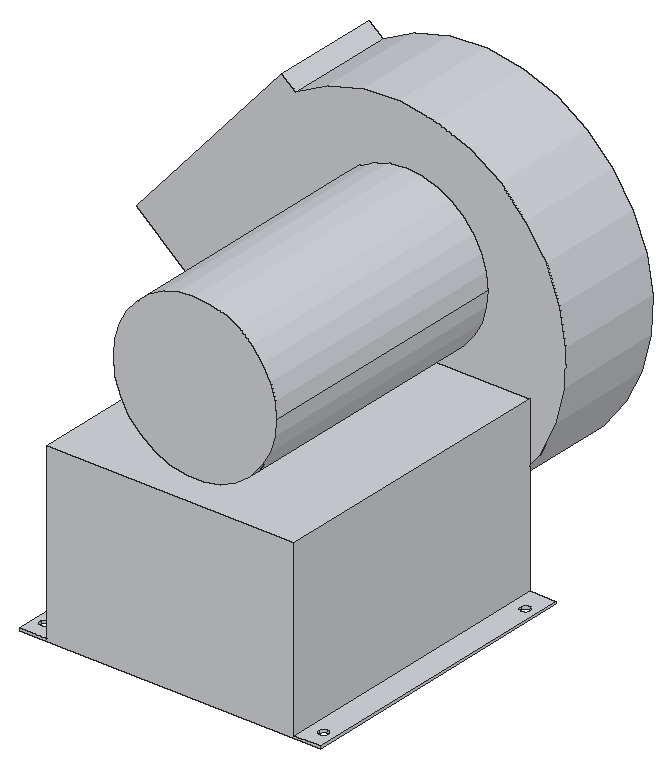
Revit family "CPFD_CW_BAU", category Mechanical Equipment, Revit 2019
Family settings
  Round Connector Dimension = Use Radius
  Part Type = Normal
  Work Plane-Based = No
  Always vertical = Yes
  Cut with Voids When Loaded = No
  Shared = No
  Room Calculation Point = No
Parameters (values of type "12_CPFD_CW_BAU")
  Unit Weight [instance] = ""
  T_SQ/2 = T_SQ / 2  # 1' - 4"
  T_SQ = 2' - 8"
  Sones [instance] = ""
  SPACE = 0' - 2 1/2"
  S = 0' - 2 1/2"
  R = 0' - 7 1/16"
  Q = 0' - 5 11/16"
  P/6 = P / 6  # 0' - 2.08333"
  P/2 = P / 2  # 0' - 6 1/4"
  P = 1' - 0 1/2"
  N/2 = N / 2  # 0' - 0 9/32"
  N = 0' - 0 9/16"
  Motor RPM [instance] = ""
  Motor Enclosure [instance] = ""
  ModelID [instance] = ""
  M = 0' - 4 5/8"
  LwA [instance] = ""
  L = 0' - 9 7/8"
  K = 0' - 1"
  J = 1' - 2 1/4"
  H/2 = H / 2  # 0' - 7 7/8"
  H-1.5" = H - 0' 1 1/2"  # 1' - 2 1/4"
  H = 1' - 3 3/4"
  G-Q = 0' - 5 49/128"
  G-1" = G - 0' 1"  # 1' - 2 3/16"
  G = 1' - 3 3/16"
  Fan RPM [instance] = ""
  F+1.25" = -(F + 0' 1 1/4")  # -0' - 7 1/8"
  F+.25" = -(F + 0' 0 1/4")  # -0' - 6 1/8"
  F = 0' - 5 7/8"
  E+.25" = E + 0' 0 1/4"  # 1' - 1 5/8"
  E = 1' - 1 3/8"
  D-S = D - S  # 0' - 11 7/8"
  D+R = D + R  # 1' - 9 7/16"
  D = 1' - 2 3/8"
  C/2 = C / 2  # 0' - 11 3/16"
  C = 1' - 10 3/8"
  B/2 = B / 2  # 0' - 11 3/8"
  B-F-2" = B - F - 0' 2"  # 1' - 2 7/8"
  B-F-.25" = B - F - 0' 0 1/4"  # 1' - 4 5/8"
  B = 1' - 10 3/4"
  Accessories [instance] = ""
  A/2 = A / 2  # 0' - 8 1/2"
  A = 1' - 5"
  45 = 45.00°  # constant formula
  3" = 0' - 3"  # constant formula
  Brake Hp [instance] = ""
  4" = 0' - 4"  # constant formula
  2' = 2' - 0"
  2" = 0' - 2"  # constant formula
  1" = 0' - 1"  # constant formula
  0 = 0' - 0"  # constant formula
  Voltage [instance] = 0 V
  URL = "www.lorencook.com"
  Type Comments = "Forward Curved Centrifugal Blower Direct Drive Clockwise Bottom Angular Up Arrangement 4"  # constant formula
  Static Pressure [instance] = 0.00 in-wg
  Power [instance] = Voltage * Motor FLA * sqrt(if(Phase = 3, 3, 1))  # 0 VA
  Phase [instance] = 0
  Number of Poles [instance] = 1
  Motor Hp [instance] = "0"
  Motor FLA [instance] = 0 A
  Model = "CPFD_CW_BAU"  # constant formula
  Manufacturer = "Loren Cook Company"
  CFM [instance] = 0 CFM
  1.5 = 0' - 1 1/2"  # constant formula
  ONE EIGTH = 0' - 0 1/8"  # constant formula
  (P/2)-.125" = (P / 2) - 0' 0 1/8"  # 0' - 6 1/8"
Types (6): name | SPACE | S | R | Q | P/6 | P/2 | P | N/2 | N | M | L | J | H/2 | H-1.5" | H | G-1" | G | F+1.25" | F+.25" | F | E+.25" | E | D-S | D+R | D | C/2 | C | B/2 | B-F-2" | B-F-.25" | B | A/2 | A | (P/2)-.125"
  (no name) | 0' - 2 1/2" | 0' - 2 1/2" | 0' - 7 1/16" | 0' - 5 11/16" | 0' - 2.08333" | 0' - 6 1/4" | 1' - 0 1/2" | 0' - 0 9/32" | 0' - 0 9/16" | 0' - 4 5/8" | 0' - 9 7/8" | 1' - 2 1/4" | 0' - 7 7/8" | 1' - 2 1/4" | 1' - 3 3/4" | 1' - 2 3/16" | 1' - 3 3/16" | -0' - 7 1/8" | -0' - 6 1/8" | 0' - 5 7/8" | 1' - 1 5/8" | 1' - 1 3/8" | 0' - 11 7/8" | 1' - 9 7/16" | 1' - 2 3/8" | 0' - 11 3/16" | 1' - 10 3/8" | 0' - 11 3/8" | 1' - 2 7/8" | 1' - 4 5/8" | 1' - 10 3/4" | 0' - 8 1/2" | 1' - 5" | 0' - 6 1/8"
  6_CPFD_CW_BAU | 0' - 1 1/2" | 0' - 1 1/4" | 0' - 4 3/8" | 0' - 3 11/16" | 0' - 1.16667" | 0' - 3 1/2" | 0' - 7" | 0' - 0 7/32" | 0' - 0 7/16" | 0' - 3 5/8" | 0' - 4 5/8" | 0' - 10 3/4" | 0' - 6 1/4" | 0' - 11" | 1' - 0 1/2" | 0' - 8 3/8" | 0' - 9 3/8" | -0' - 5 7/8" | -0' - 4 7/8" | 0' - 4 5/8" | 0' - 8 1/8" | 0' - 7 7/8" | 0' - 6 7/8" | 1' - 0 1/2" | 0' - 8 1/8" | 0' - 6 9/16" | 1' - 1 1/8" | 0' - 9 1/4" | 0' - 11 7/8" | 1' - 1 5/8" | 1' - 6 1/2" | 0' - 6 3/4" | 1' - 1 1/2" | 0' - 3 3/8"
  7_CPFD_CW_BAU | 0' - 1 1/2" | 0' - 1 1/4" | 0' - 4 3/4" | 0' - 3 7/8" | 0' - 1.16667" | 0' - 3 1/2" | 0' - 7" | 0' - 0 7/32" | 0' - 0 7/16" | 0' - 3 5/8" | 0' - 7 1/8" | 1' - 0 1/4" | 0' - 6 1/4" | 0' - 11" | 1' - 0 1/2" | 0' - 8 7/8" | 0' - 9 7/8" | -0' - 6 5/8" | -0' - 5 5/8" | 0' - 5 3/8" | 0' - 8 5/8" | 0' - 8 3/8" | 0' - 9 3/8" | 1' - 3 3/8" | 0' - 10 5/8" | 0' - 8" | 1' - 4" | 0' - 10 1/8" | 1' - 0 7/8" | 1' - 2 5/8" | 1' - 8 1/4" | 0' - 6 3/4" | 1' - 1 1/2" | 0' - 3 3/8"
  9_CPFD_CW_BAU | 0' - 2" | 0' - 1 9/16" | 0' - 5 1/2" | 0' - 4 3/8" | 0' - 1 1/2" | 0' - 4 1/2" | 0' - 9" | 0' - 0 9/32" | 0' - 0 9/16" | 0' - 4 5/8" | 0' - 7 5/8" | 1' - 1 3/4" | 0' - 6 3/8" | 0' - 11 1/4" | 1' - 0 3/4" | 0' - 10 1/2" | 0' - 11 1/2" | -0' - 7 1/8" | -0' - 6 1/8" | 0' - 5 7/8" | 0' - 10 1/8" | 0' - 9 7/8" | 0' - 9 9/16" | 1' - 4 5/8" | 0' - 11 1/8" | 0' - 8 21/32" | 1' - 5 5/16" | 0' - 10 7/8" | 1' - 1 7/8" | 1' - 3 5/8" | 1' - 9 3/4" | 0' - 7" | 1' - 2" | 0' - 4 3/8"
  10_CPFD_CW_BAU | 0' - 1 1/2" | 0' - 1 3/4" | 0' - 6 7/16" | 0' - 4 15/16" | 0' - 1 1/2" | 0' - 4 1/2" | 0' - 9" | 0' - 0 9/32" | 0' - 0 9/16" | 0' - 4 5/8" | 0' - 9 7/8" | 1' - 1 3/4" | 0' - 7 1/8" | 1' - 0 3/4" | 1' - 2 1/4" | 1' - 0 1/16" | 1' - 1 1/16" | -0' - 7 5/8" | -0' - 6 5/8" | 0' - 6 3/8" | 0' - 11 5/8" | 0' - 11 3/8" | 1' - 0 5/8" | 1' - 8 13/16" | 1' - 2 3/8" | 0' - 10 5/8" | 1' - 9 1/4" | 0' - 11 1/8" | 1' - 1 7/8" | 1' - 3 5/8" | 1' - 10 1/4" | 0' - 7 3/4" | 1' - 3 1/2" | 0' - 4 3/8"
  12_CPFD_CW_BAU | 0' - 2 1/2" | 0' - 2 1/2" | 0' - 7 1/16" | 0' - 5 11/16" | 0' - 2.08333" | 0' - 6 1/4" | 1' - 0 1/2" | 0' - 0 9/32" | 0' - 0 9/16" | 0' - 4 5/8" | 0' - 9 7/8" | 1' - 2 1/4" | 0' - 7 7/8" | 1' - 2 1/4" | 1' - 3 3/4" | 1' - 2 3/16" | 1' - 3 3/16" | -0' - 7 1/8" | -0' - 6 1/8" | 0' - 5 7/8" | 1' - 1 5/8" | 1' - 1 3/8" | 0' - 11 7/8" | 1' - 9 7/16" | 1' - 2 3/8" | 0' - 11 3/16" | 1' - 10 3/8" | 0' - 11 3/8" | 1' - 2 7/8" | 1' - 4 5/8" | 1' - 10 3/4" | 0' - 8 1/2" | 1' - 5" | 0' - 6 1/8"
Reference planes (in)
  plane 1 "Center (Front/Back)": y = 0
  plane 2: z = 0
  plane 3 "Center (Left/Right)": x = 0.40541
Forms (in)
  Extrusion 1, solid
    sketch origin (0, 0, 0) x (1, 0, 0) y (0, 0, 1)
      loop
        line (-8.09459, 0) -> (8.90541, 0) -> (8.90541, 0.125) -> (7.40541, 0.125) -> (7.40541, 9.875) -> (-6.59459, 9.875) -> (-6.59459, 0.125) -> (-8.09459, 0.125) -> (-8.09459, 0)
    from 0 to 16.625 <- "B-F-.25""
  Extrusion 2, solid
    sketch origin (0, 0, 0) x (1, 0, 0) y (0, 0, 1)
      loop
        circle (0.40541, 14.5) r 4.625
    from 0 to 14.875 <- "B-F-2""
  Extrusion 3, solid
    sketch origin (0, 0, 0) x (1, 0, 0) y (0, 0, 1)
      loop
        circle (0.40541, 14.375) r 6.25
      loop
        circle (0.40541, 14.375) r 6.125
    from -7.125 <- "F+1.25"" to -6.125 <- "F+.25""
  Extrusion 4, void
    sketch origin (0, 0, 0) x (1, 0, 0) y (0, 1, 0)
      loop
        circle (-7.46959, -15.625) r 0.28125
      loop
        circle (-7.46959, -1.375) r 0.28125
      loop
        circle (8.28041, -15.625) r 0.28125
      loop
        circle (8.28041, -1.375) r 0.28125
    from 0 to 0.125
  Extrusion 5, solid
    sketch origin (0, 0, 0) x (1, 0, 0) y (0, 0, 1)
      loop
        line (-6.57462, 21.4375) -> (-14.78209, 11.875) -> (-7.9546, 6.01499)
        arc (-7.9546, 6.01499) -> (9.37193, 11.04664) -> (-5.8158, 20.7862) r 9.90847
        line (-5.8158, 20.7862) -> (-6.57462, 21.4375)
    from 0 to -6.125 <- "F+.25""
  Revolve 6, void
    sketch origin (0.40541, 0, 0) x (0, 1, 0) y (0, 0, 1)
      loop
        arc (6.125, 20.5) -> (5.51481, 19.02686) -> (4.04167, 18.41667) r 2.08333
        line (4.04167, 18.41667) -> (4.04167, 14.375) -> (6.125, 14.375) -> (6.125, 20.5)
      axis (4.04167, 14.375) -> (6.125, 14.375)
    angle from 0 to 360
Cuts and joins
  Extrusion 4 cuts Extrusion 1
  Revolve 6 cuts Extrusion 3
  Revolve 6 cuts Extrusion 5
Lines and regions (in)
  model lines
    curve 1: line (0.40541, 0, 14.375) -> (-6.41946, 0, 7.55013)
Dimensions and locks (in)
  "A/2": plane 3 "Center (Left/Right)" to Extrusion 1 sketch curve
  "A/2": Extrusion 1 sketch curve to plane 3 "Center (Left/Right)"
  "1.5": Extrusion 1 sketch curve to Extrusion 1 sketch curve  (x2)
  "L": Extrusion 1 sketch curve to level
  "ONE EIGTH": Extrusion 1 sketch curve to Extrusion 1 sketch curve  (x2)
  "0": Extrusion 2 sketch curve to Extrusion 1
  "0": Extrusion 2 sketch curve to plane 3 "Center (Left/Right)"
  "M": Extrusion 2 sketch curve to Extrusion 1
  "0": Extrusion 3 sketch curve to plane 3 "Center (Left/Right)"  (x2)
  "K": Extrusion 1 to Extrusion 4 sketch curve  (x2)
  "J": Extrusion 4 sketch curve to Extrusion 4 sketch curve  (x2)
  "H/2": Extrusion 4 sketch curve to plane 3 "Center (Left/Right)"  (x4)
  locked: Extrusion 3 sketch curve to Extrusion 3 sketch curve
  "D": Extrusion 3 sketch curve to level
  "D": Revolve 6 sketch curve to level
  "0": Revolve 6 sketch curve to Revolve 6 sketch curve
  "P/6": Extrusion 5 to Revolve 6 sketch curve
  "(P/2)-.125"": Revolve 6 sketch curve to Revolve 6 sketch curve
  "1"": Extrusion 5 sketch curve to Extrusion 5 sketch curve
  "C": level to Extrusion 5 sketch curve
  "0": Extrusion 5 sketch curve to curve 1
  "D-S": level to Extrusion 5 sketch curve
  "G": plane 3 "Center (Left/Right)" to Extrusion 5 sketch curve
  "D+R": level to Extrusion 5 sketch curve
  "D": level to curve 1
  "P/2": radius of Extrusion 3 sketch curve
  "(P/2)-.125"": radius of Extrusion 3 sketch curve
  "N/2": radius of Extrusion 4 sketch curve  (x4)
  "P/6": radius of Revolve 6 sketch curve
  "45": angle curve 1 to level
Automatic sketch dimensions
  Extrusion 1 sketch curve to level = 0' - 0"
  Revolve 6 sketch curve to Revolve 6 sketch curve = 0' - 0"
  Revolve 6 sketch curve to Revolve 6 sketch curve = 0' - 2 3/4"
  Extrusion 5 sketch curve to plane 3 "Center (Left/Right)" = 0' - 0.83969"
  curve 1 to plane 3 "Center (Left/Right)" = 0' - 0"
Connectors (in)
  electrical at (0.40541, -14.875, 14.5)
    settings: on Extrusion 2, index 1, voltage 0 V, apparent load 0 VA, apparent load phase1 0 VA, apparent load phase2 0 VA, apparent load phase3 0 VA, power factor 1, load classification "Other", number of poles 1, system type 30, power factor state 1, is connector primary yes, connector utility no, sub classification motor no, connector description ""
  hvac at (0.40541, 7.125, 14.375), driven by "P/2"
    settings: on Extrusion 3, index 4, duct flow 0 CFM, flow factor 0, pres drop 0.00 in-wg, loss coef 0, conn angle 0.00°, conn width 12", conn height 12", conn diameter 12 1/2", duct sys type 29, conn prof type 0, flow config 0, flow direction 1, loss method 0, conn ref index -1, conn util no, is conn primary yes, conn desc ""
  hvac at (-10.67836, 3.0625, 16.65625), driven by "E", driven by "F"
    settings: on cut or joined group of Extrusion 5, Revolve 6, index 5, duct flow 0 CFM, flow factor 0, pres drop 0.00 in-wg, loss coef 0, conn angle 0.00°, conn width 5 7/8", conn height 13 3/8", conn diameter 24", duct sys type 29, conn prof type 1, flow config 0, flow direction 2, loss method 0, conn ref index -1, conn util no, is conn primary no, conn desc ""
